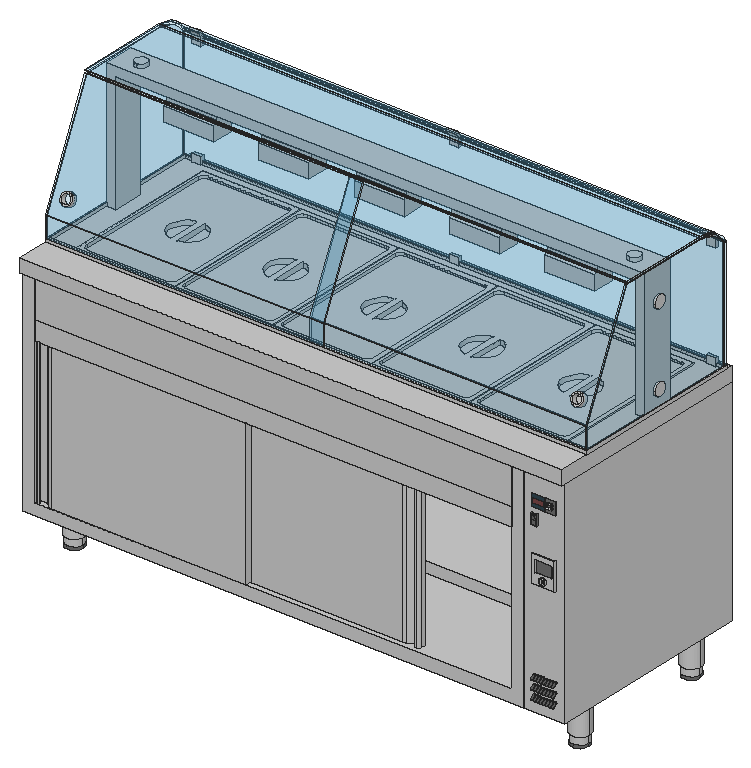
Revit family "QF_INOMAK_MIV718_250609085255", category Specialty Equipment, Revit 2021
Family settings
  Round Connector Dimension = Use Diameter
  Part Type = Normal
  OmniClass Number = 23.40.40.14
  OmniClass Title = Food Service Equipment
  Work Plane-Based = No
  Always vertical = Yes
  Cut with Voids When Loaded = No
  Shared = No
  Room Calculation Point = No
Parameters (values of type "MIV718")
  Weight [instance] = 130.00 kg
  Waste Water Discharge Temperature [instance] = 0 °C
  Waste Remarks [instance] = ""
  Warranty Start Date [instance] = ""
  Warranty Duration [instance] = ""
  Volts [instance] = 400 V
  Volt Free Conn [instance] = no
  URL Recommended Spares List [instance] = ""
  URL Manufacturer [instance] = ""
  URL Cutsheet [instance] = ""
  URL Critical Spares List [instance] = ""
  URL = "www.inomak.com"
  Technical Documentation [instance] = ""
  Tag Number [instance] = ""
  Status [instance] = ""
  Start Up Current [instance] = 0 A
  Specification by User [instance] = ""
  Specification by Manufacturer [instance] = ""
  Sound Level [instance] = ""
  Show Logo [instance] = yes
  Show Clearances [instance] = yes
  Service Life Duration [instance] = ""
  Serial Number [instance] = ""
  Seismic Rating [instance] = ""
  SMACNA No [instance] = ""
  Revision Code [instance] = ""
  Revision [instance] = ""
  Production Year [instance] = ""
  Potential Equalisation [instance] = no
  Point Load [instance] = 0
  Plumbing Remarks [instance] = ""
  Plumbing Connection Type [instance] = ""
  Phase [instance] = 3
  Other Equipment Approvals [instance] = ""
  Operational Current [instance] = 0 A
  Odor Trap Included [instance] = no
  Number of Poles [instance] = 3
  No Load Power Draw [instance] = no
  National Water Regulation Certification [instance] = no
  NAFEM Spec ID Number [instance] = ""
  Model Warning [instance] = ""
  Model = "MIV718"
  Min Ckt Ampacity [instance] = 0 A
  Max Overcurrent Protection [instance] = 25 A
  Masterspec [instance] = ""
  Manufacturer = "INOMAK"
  Main switch integrated [instance] = no
  Length Actual [instance] = 1792 mm
  Item Number [instance] = ""
  Installed By [instance] = ""
  Installation Date [instance] = ""
  Indirect Waste Size [instance] = 25.4 mm
  Indirect Waste Remarks [instance] = ""
  Indirect Waste Flow [instance] = 0.0 L/s
  Indirect Waste Connection Type [instance] = ""
  Indirect Waste Connection Height [instance] = 0 mm
  Identify Quantity as Lot [instance] = no
  ID [instance] = ""
  Hygiene Approval [instance] = ""
  Height Actual [instance] = 1313 mm
  HP power [instance] = ""
  Furnished By [instance] = ""
  Foodservice Equipment Identifier [instance] = no
  FL Amps [instance] = 22.3 A
  Electrical Remarks [instance] = ""
  Electric power [instance] = 5090 W
  Electric Connection Type [instance] = ""
  Elec Conn RI Height [instance] = 0 mm
  Elec Conn Connection Height [instance] = 0 mm
  ETL Approved [instance] = no
  Direct Waste Water Discharge Temperature [instance] = -273.15 °C
  Direct Waste Size [instance] = 25.4 mm
  Direct Waste RI Height [instance] = 0 mm
  Direct Waste Flow [instance] = 0.0 L/s
  Direct Waste Connection Height [instance] = 0 mm
  Description = "BAIN MARIE ON HEATED CUPBOARD WITH 4 GN PANS CAPACITY AND SHOWCASE"
  Depth Actual [instance] = 700 mm
  Default Elevation = 0 mm
  Cycle [instance] = 50 Hz
  Cost = 0
  Connection to energy optimisation system [instance] = yes
  Conn Plug [instance] = ""
  Conn Conduit [instance] = no
  Cold Water Temperature Recommended [instance] = 0 °C
  Cold Water Size [instance] = 12.7 mm
  Cold Water Remarks [instance] = ""
  Cold Water RI Height [instance] = 0 mm
  Cold Water Quality [instance] = ""
  Cold Water Minimum Pressure [instance] = 200000.0 Pa
  Cold Water Maximum Pressure [instance] = 600000.0 Pa
  Cold Water Flow [instance] = 0.0 L/s
  Cold Water Connection Type [instance] = ""
  Cold Water Connection Height [instance] = 0 mm
  Centralized building control system with digital interface [instance] = ""
  CSI MasterFormat [instance] = ""
  CE Approved [instance] = no
  Barcode [instance] = 0
  Author [instance] = ""
  Asset Identifier [instance] = ""
  Apparent Power [instance] = 5090 VA
  Accessory [instance] = no
Reference planes
  plane 1 "Center (Front/Back)": y = 0
  plane 2: z = 0
  plane 3 "Center (Left/Right)": x = 0
Forms (mm)
  Extrusion 1, solid, not visible
    sketch origin (110.005, -510.025, 142.007) x (1, 0, 0) y (0, 1, 0)
      loop
        line (-2, 2) -> (-2, -2) -> (2, -2) -> (2, 2) -> (-2, 2)
    from -2 to 2
  Extrusion 2, solid, not visible
    sketch origin (110.005, -410.02, 142.007) x (1, 0, 0) y (0, 1, 0)
      loop
        line (-2, 2) -> (-2, -2) -> (2, -2) -> (2, 2) -> (-2, 2)
    from -2 to 2
  Extrusion 3, solid, not visible
    sketch origin (1745.085, -635.031, 142.007) x (1, 0, 0) y (0, 1, 0)
      loop
        line (-2, 2) -> (-2, -2) -> (2, -2) -> (2, 2) -> (-2, 2)
    from -2 to 2
Dimensions and locks
  locked: nested 2 to Extrusion 1 at 2  (x2)
  locked: nested 3 to Extrusion 2 at 2  (x2)
  locked: nested 4 to Extrusion 3 at 2  (x2)
  aligned and locked: level to plane 2
Nested families
  nested 1: "QF_INOMAK_CUPBOARD_BAIN_MARIES_1795_2920" at (0, 0, 140), type "MIV718"
    with Weight 130.00 kg, Warranty Start Date "", Warranty Duration "", URL Cutsheet "", Technical Documentation "", Tag Number "", Status "", Specification by User "", Specification by Manufacturer "", Sound Level "", Solid Fuel Type "", Show Logo yes, Show Clearances yes, Service Life Duration "", Serial Number "", Seismic Rating "", SMACNA No "", Revision Code "", Revision "", Production Year "", Point Load 0, Other Equipment Approvals "", NAFEM Spec ID Number "", Model Warning "", Masterspec "", Length Actual 1792 mm, Item Number "", Installed By "", Installation Date "", Identify Quantity as Lot yes, ID "", Hygiene Approval "", Height Actual 1313 mm, Furnished By "", Foodservice Equipment Identifier yes, ETL Approved yes, Depth Actual 700 mm, CSI MasterFormat "", CE Approved yes, Barcode "", Author "", Asset Identifier "", Accessory no
  nested 2: "CONN_POINT_COLDWATER_2D___Generic_Annotation" at (110.005, -510.025, 140.007), type "CONN_POINT_COLDWATER_2D___Generic_Annotation"
    with Onboard connection annotation symbol visibility yes
  nested 3: "CONN_POINT_DRAIN_2D___Generic_Annotation" at (110.005, -410.02, 140.007), type "CONN_POINT_DRAIN_2D___Generic_Annotation"
    with Onboard connection annotation symbol visibility yes
  nested 4: "CONN_POINT_ELE_2D___Generic_Annotation" at (1745.085, -635.031, 140.007), type "CONN_POINT_ELE_2D___Generic_Annotation"
    with Onboard connection annotation symbol visibility yes
  nested 5: "QF_INOMAK_HEAT_WORKTOPS_HTVF_1795_5089" at (0, 0, 896), type "HTVF-1795-630"
    with Weight 0.00 kg, Warranty Start Date "", Warranty Duration "", URL Cutsheet "", Technical Documentation "", Tag Number "", Status "", Specification by User "", Specification by Manufacturer "", Sound Level "", Solid Fuel Type "", Show Logo yes, Show Clearances yes, Service Life Duration "", Serial Number "", Seismic Rating "", SMACNA No "", Revision Code "", Revision "", Production Year "", Point Load 0, Other Equipment Approvals "", NAFEM Spec ID Number "", Model Warning "", Masterspec "", Length Actual 1792 mm, Item Number "", Installed By "", Installation Date "", Identify Quantity as Lot yes, ID "", Hygiene Approval "", Height Actual 440 mm, Furnished By "", Foodservice Equipment Identifier yes, ETL Approved yes, Depth Actual 630 mm, CSI MasterFormat "", CE Approved yes, Barcode "", Author "", Asset Identifier "", Accessory yes
  nested 6: "QF_INOMAK_LEGS_6348" at (0, 0, 0), type "LG-1795-700"
    with Weight 0.00 kg, Warranty Start Date "", Warranty Duration "", URL Cutsheet "", Technical Documentation "", Tag Number "", Status "", Specification by User "", Specification by Manufacturer "", Sound Level "", Solid Fuel Type "", Show Logo yes, Show Clearances yes, Service Life Duration "", Serial Number "", Seismic Rating "", SMACNA No "", Revision Code "", Revision "", Production Year "", Point Load 0, Other Equipment Approvals "", NAFEM Spec ID Number "", Model Warning "", Masterspec "", Length Actual 1792 mm, Item Number "", Installed By "", Installation Date "", Identify Quantity as Lot yes, ID "", Hygiene Approval "", Height Actual 140 mm, Furnished By "", Foodservice Equipment Identifier yes, ETL Approved yes, Depth Actual 700 mm, CSI MasterFormat "", CE Approved yes, Barcode "", Author "", Asset Identifier "", Accessory yes
Connectors
  piping at (110.005, -510.025, 140.007), diameter 12.7, driven by "Cold Water Size", driven by "Cold Water Flow"
    settings: on Extrusion 1, index 1, connector inside diameter 609.6 mm, connector length 0 mm, flow factor 0, pipe flow 0.0 L/s, pressure drop 0.0 Pa, fitting loss kfactor 0, connector angle 0.00°, fixture units 0, engagement length 0 mm, angle of deflection 0.00°, flow configuration 1, flow direction 1, fitting loss method 0, system type 20, joint type 0, gender type 0, connector reference index -1, connector utility 0, adjustable connector no, is connector primary yes, connector description "Cold Water connection for MIV718"
  piping at (110.005, -410.02, 140.007), diameter 25.4, driven by "Indirect Waste Size", driven by "Direct Waste Flow"
    settings: on Extrusion 2, index 2, connector inside diameter 609.6 mm, connector length 0 mm, flow factor 0, pipe flow 0.0 L/s, pressure drop 0.0 Pa, fitting loss kfactor 0, connector angle 0.00°, fixture units 0, engagement length 0 mm, angle of deflection 0.00°, flow configuration 1, flow direction 2, fitting loss method 0, system type 16, joint type 0, gender type 0, connector reference index -1, connector utility 0, adjustable connector no, is connector primary no, connector description "Waste connection for MIV718"
  electrical at (1745.085, -635.031, 140.007), driven by "Apparent Power", driven by "Number of Poles", driven by "Volts"
    settings: on Extrusion 3, index 3, voltage 400 V, apparent load 0 VA, apparent load phase1 5090 VA, apparent load phase2 0 VA, apparent load phase3 0 VA, power factor 1, load classification "Other", number of poles 3, system type 31, power factor state 1, is connector primary yes, connector utility no, sub classification motor no, connector description "Electrical connection for MIV718"
Definition of nested family "QF_INOMAK_CUPBOARD_BAIN_MARIES_1795_2920"
  Parameters (values of type "MDV718")
    Weight [instance] = 0.00 kg
    Warranty Start Date [instance] = ""
    Warranty Duration [instance] = ""
    URL Cutsheet [instance] = ""
    URL = "www.inomak.com"
    Technical Documentation [instance] = ""
    Tag Number [instance] = ""
    Status [instance] = ""
    Specification by User [instance] = ""
    Specification by Manufacturer [instance] = ""
    Sound Level [instance] = ""
    Solid Fuel Type [instance] = ""
    Show Logo [instance] = yes
    Show Clearances [instance] = yes
    Service Life Duration [instance] = ""
    Serial Number [instance] = ""
    Seismic Rating [instance] = ""
    SMACNA No [instance] = ""
    Revision Code [instance] = ""
    Revision [instance] = ""
    Production Year [instance] = ""
    Point Load [instance] = 0
    Other Equipment Approvals [instance] = ""
    NAFEM Spec ID Number [instance] = ""
    Model Warning [instance] = ""
    Model = "MDV718"
    Masterspec [instance] = ""
    Manufacturer = "INOMAK"
    Length Actual [instance] = 0 mm
    Item Number [instance] = ""
    Installed By [instance] = ""
    Installation Date [instance] = ""
    Identify Quantity as Lot [instance] = yes
    ID [instance] = ""
    Hygiene Approval [instance] = ""
    Height Actual [instance] = 0 mm
    Furnished By [instance] = ""
    Foodservice Equipment Identifier [instance] = yes
    ETL Approved [instance] = yes
    Description = "BAIN MARIE ON CUPBOARD WITH 4 GN PANS CAPACITY"
    Depth Actual [instance] = 0 mm
    Default Elevation = 0 mm
    CSI MasterFormat [instance] = ""
    CE Approved [instance] = yes
    Barcode [instance] = ""
    Author [instance] = ""
    Asset Identifier [instance] = ""
    Assembly Code = "E1090320"
    Accessory [instance] = yes
  Types (10, lengths in mm): name | Model | Description
    MFV718 | "MFV718" | "BAIN MARIE ON CUPBOARD WITH 4 GN PANS CAPACITY AND SHOWCASE"
    MHV718 | "MHV718" | "BAIN MARIE ON HEATED CUPBOARD WITH 4 GN PANS CAPACITY"
    MJV718 | "MJV718" | "BAIN MARIE ON HEATED CUPBOARD WITH 4 GN PANS CAPACITY AND SINGLE SNEEZE GUARD"
    MQV718 | "MQV718" | "BAIN MARIE ON HEATED CUPBOARD WITH 4 GN PANS CAPACITY AND DOUBLE SNEEZE GUARD"
    MISQ718 | "MISQ718" | "BAIN MARIE ON HEATED CUPBOARD WITH 4 GN PANS CAPACITY AND SQUARE SHOWCASE"
    MDV718 | "MDV718" | "BAIN MARIE ON CUPBOARD WITH 4 GN PANS CAPACITY"
    MVV718 | "MVV718" | "BAIN MARIE ON CUPBOARD WITH 4 GN PANS CAPACITY AND SINGLE SNEEZE GUARD"
    MRV718 | "MRV718" | "BAIN MARIE ON CUPBOARD WITH 4 GN PANS CAPACITY AND DOUBLE SNEEZE GUARD"
    MFSQ718 | "MFSQ718" | "BAIN MARIE ON CUPBOARD WITH 4 GN PANS CAPACITY AND SQUARE SHOWCASE"
    MIV718 | "MIV718" | "BAIN MARIE ON HEATED CUPBOARD WITH 4 GN PANS CAPACITY AND SHOWCASE"
  Reference planes
    plane 1 "Back": y = 0
    plane 2: z = 0
    plane 3 "Left": x = 0
    plane 4 "Right": x = 1792
    plane 5 "Front": y = -700
    plane 6 "Top": z = 756
  Forms (mm)
    Extrusion 1, solid
      sketch origin (1168.283, -707, -123.631) x (-1, 0, 0) y (0, 0, 1)
        loop
          arc (-522.253, 235.165) -> (-526.351, 236.263) -> (-527.449, 232.165) r 3
          line (-527.449, 232.165) -> (-518.449, 216.577)
          arc (-518.449, 216.577) -> (-514.351, 215.479) -> (-513.253, 219.577) r 3
          line (-513.253, 219.577) -> (-522.253, 235.165)
        loop
          arc (-532.253, 235.165) -> (-536.351, 236.263) -> (-537.449, 232.165) r 3
          line (-537.449, 232.165) -> (-528.449, 216.577)
          arc (-528.449, 216.577) -> (-524.351, 215.479) -> (-523.253, 219.577) r 3
          line (-523.253, 219.577) -> (-532.253, 235.165)
        loop
          arc (-542.253, 235.165) -> (-546.351, 236.263) -> (-547.449, 232.165) r 3
          line (-547.449, 232.165) -> (-538.449, 216.577)
          arc (-538.449, 216.577) -> (-534.351, 215.479) -> (-533.253, 219.577) r 3
          line (-533.253, 219.577) -> (-542.253, 235.165)
        loop
          arc (-552.253, 235.165) -> (-556.351, 236.263) -> (-557.449, 232.165) r 3
          line (-557.449, 232.165) -> (-548.449, 216.577)
          arc (-548.449, 216.577) -> (-544.351, 215.479) -> (-543.253, 219.577) r 3
          line (-543.253, 219.577) -> (-552.253, 235.165)
        loop
          arc (-562.253, 235.165) -> (-566.351, 236.263) -> (-567.449, 232.165) r 3
          line (-567.449, 232.165) -> (-558.449, 216.577)
          arc (-558.449, 216.577) -> (-554.351, 215.479) -> (-553.253, 219.577) r 3
          line (-553.253, 219.577) -> (-562.253, 235.165)
        loop
          arc (-572.253, 235.165) -> (-576.351, 236.263) -> (-577.449, 232.165) r 3
          line (-577.449, 232.165) -> (-568.449, 216.577)
          arc (-568.449, 216.577) -> (-564.351, 215.479) -> (-563.253, 219.577) r 3
          line (-563.253, 219.577) -> (-572.253, 235.165)
        loop
          arc (-582.253, 235.165) -> (-586.351, 236.263) -> (-587.449, 232.165) r 3
          line (-587.449, 232.165) -> (-578.449, 216.577)
          arc (-578.449, 216.577) -> (-574.351, 215.479) -> (-573.253, 219.577) r 3
          line (-573.253, 219.577) -> (-582.253, 235.165)
        loop
          arc (-592.253, 235.165) -> (-596.351, 236.263) -> (-597.449, 232.165) r 3
          line (-597.449, 232.165) -> (-588.449, 216.577)
          arc (-588.449, 216.577) -> (-584.351, 215.479) -> (-583.253, 219.577) r 3
          line (-583.253, 219.577) -> (-592.253, 235.165)
        loop
          arc (-522.253, 205.165) -> (-526.351, 206.263) -> (-527.449, 202.165) r 3
          line (-527.449, 202.165) -> (-518.449, 186.577)
          arc (-518.449, 186.577) -> (-514.351, 185.479) -> (-513.253, 189.577) r 3
          line (-513.253, 189.577) -> (-522.253, 205.165)
        loop
          arc (-532.253, 205.165) -> (-536.351, 206.263) -> (-537.449, 202.165) r 3
          line (-537.449, 202.165) -> (-528.449, 186.577)
          arc (-528.449, 186.577) -> (-524.351, 185.479) -> (-523.253, 189.577) r 3
          line (-523.253, 189.577) -> (-532.253, 205.165)
        loop
          arc (-542.253, 205.165) -> (-546.351, 206.263) -> (-547.449, 202.165) r 3
          line (-547.449, 202.165) -> (-538.449, 186.577)
          arc (-538.449, 186.577) -> (-534.351, 185.479) -> (-533.253, 189.577) r 3
          line (-533.253, 189.577) -> (-542.253, 205.165)
        loop
          arc (-552.253, 205.165) -> (-556.351, 206.263) -> (-557.449, 202.165) r 3
          line (-557.449, 202.165) -> (-548.449, 186.577)
          arc (-548.449, 186.577) -> (-544.351, 185.479) -> (-543.253, 189.577) r 3
          line (-543.253, 189.577) -> (-552.253, 205.165)
        loop
          arc (-562.253, 205.165) -> (-566.351, 206.263) -> (-567.449, 202.165) r 3
          line (-567.449, 202.165) -> (-558.449, 186.577)
          arc (-558.449, 186.577) -> (-554.351, 185.479) -> (-553.253, 189.577) r 3
          line (-553.253, 189.577) -> (-562.253, 205.165)
        loop
          arc (-572.253, 205.165) -> (-576.351, 206.263) -> (-577.449, 202.165) r 3
          line (-577.449, 202.165) -> (-568.449, 186.577)
          arc (-568.449, 186.577) -> (-564.351, 185.479) -> (-563.253, 189.577) r 3
          line (-563.253, 189.577) -> (-572.253, 205.165)
        loop
          arc (-582.253, 205.165) -> (-586.351, 206.263) -> (-587.449, 202.165) r 3
          line (-587.449, 202.165) -> (-578.449, 186.577)
          arc (-578.449, 186.577) -> (-574.351, 185.479) -> (-573.253, 189.577) r 3
          line (-573.253, 189.577) -> (-582.253, 205.165)
        loop
          arc (-592.253, 205.165) -> (-596.351, 206.263) -> (-597.449, 202.165) r 3
          line (-597.449, 202.165) -> (-588.449, 186.577)
          arc (-588.449, 186.577) -> (-584.351, 185.479) -> (-583.253, 189.577) r 3
          line (-583.253, 189.577) -> (-592.253, 205.165)
        loop
          arc (-522.253, 175.165) -> (-526.351, 176.263) -> (-527.449, 172.165) r 3
          line (-527.449, 172.165) -> (-518.449, 156.577)
          arc (-518.449, 156.577) -> (-514.351, 155.479) -> (-513.253, 159.577) r 3
          line (-513.253, 159.577) -> (-522.253, 175.165)
        loop
          arc (-532.253, 175.165) -> (-536.351, 176.263) -> (-537.449, 172.165) r 3
          line (-537.449, 172.165) -> (-528.449, 156.577)
          arc (-528.449, 156.577) -> (-524.351, 155.479) -> (-523.253, 159.577) r 3
          line (-523.253, 159.577) -> (-532.253, 175.165)
        loop
          arc (-542.253, 175.165) -> (-546.351, 176.263) -> (-547.449, 172.165) r 3
          line (-547.449, 172.165) -> (-538.449, 156.577)
          arc (-538.449, 156.577) -> (-534.351, 155.479) -> (-533.253, 159.577) r 3
          line (-533.253, 159.577) -> (-542.253, 175.165)
        loop
          arc (-552.253, 175.165) -> (-556.351, 176.263) -> (-557.449, 172.165) r 3
          line (-557.449, 172.165) -> (-548.449, 156.577)
          arc (-548.449, 156.577) -> (-544.351, 155.479) -> (-543.253, 159.577) r 3
          line (-543.253, 159.577) -> (-552.253, 175.165)
        loop
          arc (-562.253, 175.165) -> (-566.351, 176.263) -> (-567.449, 172.165) r 3
          line (-567.449, 172.165) -> (-558.449, 156.577)
          arc (-558.449, 156.577) -> (-554.351, 155.479) -> (-553.253, 159.577) r 3
          line (-553.253, 159.577) -> (-562.253, 175.165)
        loop
          arc (-572.253, 175.165) -> (-576.351, 176.263) -> (-577.449, 172.165) r 3
          line (-577.449, 172.165) -> (-568.449, 156.577)
          arc (-568.449, 156.577) -> (-564.351, 155.479) -> (-563.253, 159.577) r 3
          line (-563.253, 159.577) -> (-572.253, 175.165)
        loop
          arc (-582.253, 175.165) -> (-586.351, 176.263) -> (-587.449, 172.165) r 3
          line (-587.449, 172.165) -> (-578.449, 156.577)
          arc (-578.449, 156.577) -> (-574.351, 155.479) -> (-573.253, 159.577) r 3
          line (-573.253, 159.577) -> (-582.253, 175.165)
        loop
          arc (-592.253, 175.165) -> (-596.351, 176.263) -> (-597.449, 172.165) r 3
          line (-597.449, 172.165) -> (-588.449, 156.577)
          arc (-588.449, 156.577) -> (-584.351, 155.479) -> (-583.253, 159.577) r 3
          line (-583.253, 159.577) -> (-592.253, 175.165)
      from 16.5 to 18.5
    Extrusion 2, solid
      sketch origin (1476.266, -692, 538.514) x (-1, 0, 0) y (0, 0, 1)
        loop
          line (-208.234, 108.408) -> (-253.234, 108.408) -> (-253.234, 68.408) -> (-208.234, 68.408) -> (-208.234, 108.408)
      from 0 to 2
    Extrusion 3, solid
      sketch origin (754.5, -693, 539.422) x (-1, 0, 0) y (0, 0, 1)
        loop
          line (-950, 15) -> (-930, 15) -> (-930, 50) -> (-950, 50) -> (-950, 15)
      from 0 to 3
    Extrusion 4, solid
      sketch origin (782.5, -568, 539.422) x (0, 1, 0) y (0, 0, 1)
        loop
          line (-125, 18) -> (-125, 47)
          arc (-125, 47) -> (-127.961, 46.812) -> (-130.754, 45.81) r 10.576
          line (-130.754, 45.81) -> (-128, 32.5) -> (-128, 18) -> (-125, 18)
      from 905 to 919
    Extrusion 5, solid
      sketch origin (1521.266, -692, 538.514) x (-1, 0, 0) y (0, 0, 1)
        loop
          line (-208.234, 108.408) -> (-243.234, 108.408) -> (-243.234, 68.408) -> (-208.234, 68.408) -> (-208.234, 108.408)
      from 0 to 2
    Extrusion 6, solid
      sketch origin (1476.266, -692.5, 538.514) x (-1, 0, 0) y (0, 0, 1)
        loop
          line (-213.234, 94.908) -> (-248.234, 94.908) -> (-248.234, 81.908) -> (-213.234, 81.908) -> (-213.234, 94.908)
      from 0 to 2.5
    Extrusion 7, solid
      sketch origin (1476.266, -692.5, 538.514) x (-1, 0, 0) y (0, 0, 1)
        loop
          line (-271.558, 91.171) -> (-275.802, 98.522) -> (-280.047, 91.171) -> (-271.558, 91.171)
        loop
          line (-271.558, 85.645) -> (-280.047, 85.645) -> (-275.802, 78.294) -> (-271.558, 85.645)
        loop
          line (-257.397, 85.645) -> (-267.397, 85.645) -> (-267.397, 78.294) -> (-257.397, 78.294) -> (-257.397, 85.645)
        loop
          line (-265.397, 98.522) -> (-267.397, 98.522) -> (-267.397, 92.322) -> (-259.549, 92.322) -> (-259.549, 91.171) -> (-257.397, 93.322) -> (-259.549, 95.474) -> (-259.549, 94.322) -> (-265.397, 94.322) -> (-265.397, 98.522)
      from 0 to 2.5
    Extrusion 8, solid
      sketch origin (28.5, 0, 488) x (1, 0, 0) y (0, 1, 0)
        loop
          line (55, -50) -> (55, -580) -> (380, -580) -> (380, -50) -> (55, -50)
        loop
          arc (87.5, -65) -> (73.358, -70.858) -> (67.5, -85) r 20
          line (67.5, -85) -> (67.5, -545.415)
          arc (67.5, -545.415) -> (73.358, -559.557) -> (87.5, -565.415) r 20
          line (87.5, -565.415) -> (347.5, -565.415)
          arc (347.5, -565.415) -> (361.642, -559.557) -> (367.5, -545.415) r 20
          line (367.5, -545.415) -> (367.5, -85)
          arc (367.5, -85) -> (361.642, -70.858) -> (347.5, -65) r 20
          line (347.5, -65) -> (87.5, -65)
      from 222 to 270
    Extrusion 9, solid
      sketch origin (28.5, 0, 481) x (1, 0, 0) y (0, 1, 0)
        loop
          arc (67.5, -545.415) -> (73.358, -559.557) -> (87.5, -565.415) r 20
          line (87.5, -565.415) -> (347.5, -565.415)
          arc (347.5, -565.415) -> (361.642, -559.557) -> (367.5, -545.415) r 20
          line (367.5, -545.415) -> (367.5, -85)
          arc (367.5, -85) -> (361.642, -70.858) -> (347.5, -65) r 20
          line (347.5, -65) -> (87.5, -65)
          arc (87.5, -65) -> (73.358, -70.858) -> (67.5, -85) r 20
          line (67.5, -85) -> (67.5, -545.415)
      from 229 to 270
    Extrusion 10, void
      sketch origin (28.5, 0, 496) x (1, 0, 0) y (0, 1, 0)
        loop
          arc (207.5, -256.046) -> (157.5, -315.207) -> (207.5, -374.368) r 60
          line (207.5, -374.368) -> (207.5, -256.046)
        loop
          line (227.5, -256.046) -> (227.5, -374.368)
          arc (227.5, -374.368) -> (277.5, -315.207) -> (227.5, -256.046) r 60
      from 240 to 270
    Extrusion 11, solid
      sketch origin (353.5, 0, 488) x (1, 0, 0) y (0, 1, 0)
        loop
          line (55, -50) -> (55, -580) -> (380, -580) -> (380, -50) -> (55, -50)
        loop
          arc (87.5, -65) -> (73.358, -70.858) -> (67.5, -85) r 20
          line (67.5, -85) -> (67.5, -545.415)
          arc (67.5, -545.415) -> (73.358, -559.557) -> (87.5, -565.415) r 20
          line (87.5, -565.415) -> (347.5, -565.415)
          arc (347.5, -565.415) -> (361.642, -559.557) -> (367.5, -545.415) r 20
          line (367.5, -545.415) -> (367.5, -85)
          arc (367.5, -85) -> (361.642, -70.858) -> (347.5, -65) r 20
          line (347.5, -65) -> (87.5, -65)
      from 222 to 270
    Extrusion 12, solid
      sketch origin (353.5, 0, 481) x (1, 0, 0) y (0, 1, 0)
        loop
          arc (67.5, -545.415) -> (73.358, -559.557) -> (87.5, -565.415) r 20
          line (87.5, -565.415) -> (347.5, -565.415)
          arc (347.5, -565.415) -> (361.642, -559.557) -> (367.5, -545.415) r 20
          line (367.5, -545.415) -> (367.5, -85)
          arc (367.5, -85) -> (361.642, -70.858) -> (347.5, -65) r 20
          line (347.5, -65) -> (87.5, -65)
          arc (87.5, -65) -> (73.358, -70.858) -> (67.5, -85) r 20
          line (67.5, -85) -> (67.5, -545.415)
      from 229 to 270
    Extrusion 13, void
      sketch origin (353.5, 0, 496) x (1, 0, 0) y (0, 1, 0)
        loop
          arc (207.5, -256.046) -> (157.5, -315.207) -> (207.5, -374.368) r 60
          line (207.5, -374.368) -> (207.5, -256.046)
        loop
          line (227.5, -256.046) -> (227.5, -374.368)
          arc (227.5, -374.368) -> (277.5, -315.207) -> (227.5, -256.046) r 60
      from 240 to 270
    Extrusion 14, solid
      sketch origin (1003.5, 0, 488) x (1, 0, 0) y (0, 1, 0)
        loop
          line (55, -50) -> (55, -580) -> (380, -580) -> (380, -50) -> (55, -50)
        loop
          arc (87.5, -65) -> (73.358, -70.858) -> (67.5, -85) r 20
          line (67.5, -85) -> (67.5, -545.415)
          arc (67.5, -545.415) -> (73.358, -559.557) -> (87.5, -565.415) r 20
          line (87.5, -565.415) -> (347.5, -565.415)
          arc (347.5, -565.415) -> (361.642, -559.557) -> (367.5, -545.415) r 20
          line (367.5, -545.415) -> (367.5, -85)
          arc (367.5, -85) -> (361.642, -70.858) -> (347.5, -65) r 20
          line (347.5, -65) -> (87.5, -65)
      from 222 to 270
    Extrusion 15, solid
      sketch origin (1003.5, 0, 481) x (1, 0, 0) y (0, 1, 0)
        loop
          arc (67.5, -545.415) -> (73.358, -559.557) -> (87.5, -565.415) r 20
          line (87.5, -565.415) -> (347.5, -565.415)
          arc (347.5, -565.415) -> (361.642, -559.557) -> (367.5, -545.415) r 20
          line (367.5, -545.415) -> (367.5, -85)
          arc (367.5, -85) -> (361.642, -70.858) -> (347.5, -65) r 20
          line (347.5, -65) -> (87.5, -65)
          arc (87.5, -65) -> (73.358, -70.858) -> (67.5, -85) r 20
          line (67.5, -85) -> (67.5, -545.415)
      from 229 to 270
    Extrusion 16, void
      sketch origin (1003.5, 0, 496) x (1, 0, 0) y (0, 1, 0)
        loop
          arc (207.5, -256.046) -> (157.5, -315.207) -> (207.5, -374.368) r 60
          line (207.5, -374.368) -> (207.5, -256.046)
        loop
          line (227.5, -256.046) -> (227.5, -374.368)
          arc (227.5, -374.368) -> (277.5, -315.207) -> (227.5, -256.046) r 60
      from 240 to 270
    Extrusion 17, solid
      sketch origin (0, 0, 706) x (1, 0, 0) y (0, 1, 0)
        loop
          line (0, 0) -> (0, -700) -> (1792, -700) -> (1792, 0) -> (0, 0)
        loop
          line (83.5, -50) -> (83.5, -580) -> (1708.5, -580) -> (1708.5, -50) -> (83.5, -50)
      from 4 to 50
    Extrusion 18, solid
      sketch origin (0, 0, 0) x (1, 0, 0) y (0, 1, 0)
        loop
          line (0, -690) -> (40, -690) -> (40, -40) -> (1617, -40) -> (1617, -690) -> (1657, -690) -> (1657, 0) -> (0, 0) -> (0, -690)
      from 0 to 710
    Extrusion 19, solid
      sketch origin (687, 0, 0) x (1, 0, 0) y (0, 1, 0)
        loop
          line (970, 0) -> (970, -690) -> (1105, -690) -> (1105, 0) -> (970, 0)
      from 0 to 710
    Extrusion 20, solid
      sketch origin (-130, -690, 0) x (-1, 0, 0) y (0, 1, 0)
        loop
          line (-170, 10) -> (-170, 20) -> (-868.5, 20) -> (-868.5, 0) -> (-226.156, 0)
          arc (-226.156, 0) -> (-220.272, 0.885) -> (-214.91, 3.461) r 20
          line (-214.91, 3.461) -> (-195, 17) -> (-173, 17) -> (-173, 10)
          arc (-173, 10) -> (-175.05, 5.05) -> (-180, 3) r 7
          line (-180, 3) -> (-185.012, 3) -> (-185.012, 0) -> (-180, 0)
          arc (-180, 0) -> (-172.929, 2.929) -> (-170, 10) r 10
      from -40 to -520
    Extrusion 21, solid
      sketch origin (367, -690, 0) x (-1, 0, 0) y (0, 1, 0)
        loop
          arc (-930, 30) -> (-927.071, 22.929) -> (-920, 20) r 10
          line (-920, 20) -> (-914.988, 20) -> (-914.988, 23) -> (-920, 23)
          arc (-920, 23) -> (-924.95, 25.05) -> (-927, 30) r 7
          line (-927, 30) -> (-927, 37) -> (-905, 37) -> (-885.09, 23.461)
          arc (-885.09, 23.461) -> (-879.728, 20.885) -> (-873.844, 20) r 20
          line (-873.844, 20) -> (-231.5, 20) -> (-231.5, 40) -> (-930, 40) -> (-930, 30)
      from -40 to -520
    Extrusion 22, solid
      sketch origin (0, 0, 0) x (1, 0, 0) y (0, 1, 0)
        loop
          line (40, -40) -> (40, -690) -> (1620, -690) -> (1620, -40) -> (40, -40)
      from 0 to 40
    Extrusion 23, solid
      sketch origin (0.5, 0, 672.314) x (1, 0, 0) y (0, 1, 0)
        loop
          line (39.5, -40) -> (39.5, -690) -> (1616.5, -690) -> (1616.5, -40) -> (39.5, -40)
      from -92.314 to 37.686
    Extrusion 24, solid
      sketch origin (-1.5, 0, 610.314) x (1, 0, 0) y (0, 1, 0)
        loop
          line (41.5, -40) -> (41.5, -690) -> (1618.5, -690) -> (1618.5, -40) -> (41.5, -40)
      from -90.314 to -30.314
    Extrusion 25, solid
      sketch origin (-1.5, 0, 252.5) x (1, 0, 0) y (0, 1, 0)
        loop
          line (41.5, -40) -> (41.5, -645) -> (1618.5, -645) -> (1618.5, -40) -> (41.5, -40)
      from 0 to 35
    Extrusion 26, solid
      sketch origin (694.002, -695, 50) x (-1, 0, 0) y (0, 0, 1)
        loop
          line (-992.998, 421.076) -> (-1067.998, 421.076) -> (-1067.998, 331.076) -> (-992.998, 331.076) -> (-992.998, 421.076)
        loop
          line (-1003.957, 406.276) -> (-1058.957, 406.276) -> (-1058.957, 366.276) -> (-1003.957, 366.276) -> (-1003.957, 406.276)
      from 0 to 5
    Extrusion 27, solid
      sketch origin (694.002, -692, 50) x (-1, 0, 0) y (0, 0, 1)
        loop
          line (-1003.957, 406.276) -> (-1058.957, 406.276) -> (-1058.957, 366.276) -> (-1003.957, 366.276) -> (-1003.957, 406.276)
      from 0 to 2
    Revolve 28, solid
      sketch origin (1724.5, 59.612, -3292.415) x (0, 1, 0) y (0, 0, 1)
        loop
          line (-757.012, 3691.152) -> (-754.612, 3691.152) -> (-754.612, 3701.789) -> (-757.662, 3701.789) -> (-759.012, 3699.998) -> (-757.012, 3699.998) -> (-757.012, 3691.152)
        axis (-754.612, 3691.152) -> (-759.012, 3691.152)
      angle from 0 to 360
    Extrusion 29, solid
      sketch origin (-367.127, -695, 2689.585) x (-1, 0, 0) y (0, 0, 1)
        loop
          line (-2090.827, -2287.348) -> (-2092.827, -2287.348) -> (-2092.827, -2294.348) -> (-2090.827, -2294.348) -> (-2090.827, -2287.348)
        loop
          circle (-2091.627, -2290.848) r 7.846
      from -4.4 to -2.4
    Extrusion 30, solid
      sketch origin (678.5, 0, 488) x (1, 0, 0) y (0, 1, 0)
        loop
          line (55, -50) -> (55, -580) -> (380, -580) -> (380, -50) -> (55, -50)
        loop
          arc (87.5, -65) -> (73.358, -70.858) -> (67.5, -85) r 20
          line (67.5, -85) -> (67.5, -545.415)
          arc (67.5, -545.415) -> (73.358, -559.557) -> (87.5, -565.415) r 20
          line (87.5, -565.415) -> (347.5, -565.415)
          arc (347.5, -565.415) -> (361.642, -559.557) -> (367.5, -545.415) r 20
          line (367.5, -545.415) -> (367.5, -85)
          arc (367.5, -85) -> (361.642, -70.858) -> (347.5, -65) r 20
          line (347.5, -65) -> (87.5, -65)
      from 222 to 270
    Extrusion 31, solid
      sketch origin (678.5, 0, 481) x (1, 0, 0) y (0, 1, 0)
        loop
          arc (67.5, -545.415) -> (73.358, -559.557) -> (87.5, -565.415) r 20
          line (87.5, -565.415) -> (347.5, -565.415)
          arc (347.5, -565.415) -> (361.642, -559.557) -> (367.5, -545.415) r 20
          line (367.5, -545.415) -> (367.5, -85)
          arc (367.5, -85) -> (361.642, -70.858) -> (347.5, -65) r 20
          line (347.5, -65) -> (87.5, -65)
          arc (87.5, -65) -> (73.358, -70.858) -> (67.5, -85) r 20
          line (67.5, -85) -> (67.5, -545.415)
      from 229 to 270
    Extrusion 32, void
      sketch origin (678.5, 0, 496) x (1, 0, 0) y (0, 1, 0)
        loop
          arc (207.5, -256.046) -> (157.5, -315.207) -> (207.5, -374.368) r 60
          line (207.5, -374.368) -> (207.5, -256.046)
        loop
          line (227.5, -256.046) -> (227.5, -374.368)
          arc (227.5, -374.368) -> (277.5, -315.207) -> (227.5, -256.046) r 60
      from 240 to 270
    Extrusion 33, solid
      sketch origin (1328.5, 0, 488) x (1, 0, 0) y (0, 1, 0)
        loop
          line (55, -50) -> (55, -580) -> (380, -580) -> (380, -50) -> (55, -50)
        loop
          arc (87.5, -65) -> (73.358, -70.858) -> (67.5, -85) r 20
          line (67.5, -85) -> (67.5, -545.415)
          arc (67.5, -545.415) -> (73.358, -559.557) -> (87.5, -565.415) r 20
          line (87.5, -565.415) -> (347.5, -565.415)
          arc (347.5, -565.415) -> (361.642, -559.557) -> (367.5, -545.415) r 20
          line (367.5, -545.415) -> (367.5, -85)
          arc (367.5, -85) -> (361.642, -70.858) -> (347.5, -65) r 20
          line (347.5, -65) -> (87.5, -65)
      from 222 to 270
    Extrusion 34, solid
      sketch origin (1328.5, 0, 481) x (1, 0, 0) y (0, 1, 0)
        loop
          arc (67.5, -545.415) -> (73.358, -559.557) -> (87.5, -565.415) r 20
          line (87.5, -565.415) -> (347.5, -565.415)
          arc (347.5, -565.415) -> (361.642, -559.557) -> (367.5, -545.415) r 20
          line (367.5, -545.415) -> (367.5, -85)
          arc (367.5, -85) -> (361.642, -70.858) -> (347.5, -65) r 20
          line (347.5, -65) -> (87.5, -65)
          arc (87.5, -65) -> (73.358, -70.858) -> (67.5, -85) r 20
          line (67.5, -85) -> (67.5, -545.415)
      from 229 to 270
    Extrusion 35, void
      sketch origin (1328.5, 0, 496) x (1, 0, 0) y (0, 1, 0)
        loop
          arc (207.5, -256.046) -> (157.5, -315.207) -> (207.5, -374.368) r 60
          line (207.5, -374.368) -> (207.5, -256.046)
        loop
          line (227.5, -256.046) -> (227.5, -374.368)
          arc (227.5, -374.368) -> (277.5, -315.207) -> (227.5, -256.046) r 60
      from 240 to 270
  Cuts and joins
    Extrusion 10, Extrusion 13 cuts Extrusion 9
    Extrusion 13, Extrusion 16, Extrusion 32 cuts Extrusion 12
    Extrusion 16, Extrusion 35 cuts Extrusion 15
    joined: Extrusion 18, Extrusion 22
    Extrusion 32 cuts Extrusion 31
    Extrusion 35 cuts Extrusion 34
  Lines and regions (mm)
    symbolic lines
      curve 1: line (0, 0, 0) -> (1792, 0, 0)
      curve 2: line (0, -700, 0) -> (0, 0, 0)
      curve 3: line (1792, -700, 0) -> (0, -700, 0)
      curve 4: line (1792, 0, 0) -> (1792, -700, 0)
      curve 5: line (83.5, -50, 0) -> (1708.5, -50, 0)
      curve 6: line (83.5, -580, 0) -> (83.5, -50, 0)
      curve 7: line (1708.5, -580, 0) -> (83.5, -580, 0)
      curve 8: line (733.5, -50, 0) -> (733.5, -580, 0)
      curve 9: line (408.5, -50, 0) -> (408.5, -580, 0)
      curve 10: line (1708.5, -50, 0) -> (1708.5, -580, 0)
      curve 11: line (1058.5, -50, 0) -> (1058.5, -580, 0)
      curve 12: line (1383.5, -50, 0) -> (1383.5, -580, 0)
      curve 13: line (116, -65, 0) -> (376, -65, 0)
      curve 14: arc (376, -65, 0) -> (390.142, -70.858, 0) -> (396, -85, 0) r 20
      curve 15: line (396, -85, 0) -> (396, -545.415, 0)
      curve 16: arc (396, -545.415, 0) -> (390.142, -559.557, 0) -> (376, -565.415, 0) r 20
      curve 17: line (376, -565.415, 0) -> (116, -565.415, 0)
      curve 18: arc (116, -565.415, 0) -> (101.858, -559.557, 0) -> (96, -545.415, 0) r 20
      curve 19: line (96, -545.415, 0) -> (96, -85, 0)
      curve 20: arc (96, -85, 0) -> (101.858, -70.858, 0) -> (116, -65, 0) r 20
      curve 21: arc (236, -256.046, 0) -> (186, -315.207, 0) -> (236, -374.368, 0) r 60
      curve 22: line (236, -374.368, 0) -> (236, -256.046, 0)
      curve 23: line (256, -256.046, 0) -> (256, -374.368, 0)
      curve 24: arc (256, -374.368, 0) -> (306, -315.207, 0) -> (256, -256.046, 0) r 60
      curve 25: line (441, -65, 0) -> (701, -65, 0)
      curve 26: arc (701, -65, 0) -> (715.142, -70.858, 0) -> (721, -85, 0) r 20
      curve 27: line (721, -85, 0) -> (721, -545.415, 0)
      curve 28: arc (721, -545.415, 0) -> (715.142, -559.557, 0) -> (701, -565.415, 0) r 20
      curve 29: line (701, -565.415, 0) -> (441, -565.415, 0)
      curve 30: arc (441, -565.415, 0) -> (426.858, -559.557, 0) -> (421, -545.415, 0) r 20
      curve 31: line (421, -545.415, 0) -> (421, -85, 0)
      curve 32: arc (421, -85, 0) -> (426.858, -70.858, 0) -> (441, -65, 0) r 20
      curve 33: arc (561, -256.046, 0) -> (511, -315.207, 0) -> (561, -374.368, 0) r 60
      curve 34: line (561, -374.368, 0) -> (561, -256.046, 0)
      curve 35: line (581, -256.046, 0) -> (581, -374.368, 0)
      curve 36: arc (581, -374.368, 0) -> (631, -315.207, 0) -> (581, -256.046, 0) r 60
      curve 37: line (766, -65, 0) -> (1026, -65, 0)
      curve 38: arc (1026, -65, 0) -> (1040.142, -70.858, 0) -> (1046, -85, 0) r 20
      curve 39: line (1046, -85, 0) -> (1046, -545.415, 0)
      curve 40: arc (1046, -545.415, 0) -> (1040.142, -559.557, 0) -> (1026, -565.415, 0) r 20
      curve 41: line (1026, -565.415, 0) -> (766, -565.415, 0)
      curve 42: arc (766, -565.415, 0) -> (751.858, -559.557, 0) -> (746, -545.415, 0) r 20
      curve 43: line (746, -545.415, 0) -> (746, -85, 0)
      curve 44: arc (746, -85, 0) -> (751.858, -70.858, 0) -> (766, -65, 0) r 20
      curve 45: arc (886, -256.046, 0) -> (836, -315.207, 0) -> (886, -374.368, 0) r 60
      curve 46: line (886, -374.368, 0) -> (886, -256.046, 0)
      curve 47: line (906, -256.046, 0) -> (906, -374.368, 0)
      curve 48: arc (906, -374.368, 0) -> (956, -315.207, 0) -> (906, -256.046, 0) r 60
      curve 49: line (1091, -65, 0) -> (1351, -65, 0)
      curve 50: arc (1351, -65, 0) -> (1365.142, -70.858, 0) -> (1371, -85, 0) r 20
      curve 51: line (1371, -85, 0) -> (1371, -545.415, 0)
      curve 52: arc (1371, -545.415, 0) -> (1365.142, -559.557, 0) -> (1351, -565.415, 0) r 20
      curve 53: line (1351, -565.415, 0) -> (1091, -565.415, 0)
      curve 54: arc (1091, -565.415, 0) -> (1076.858, -559.557, 0) -> (1071, -545.415, 0) r 20
      curve 55: line (1071, -545.415, 0) -> (1071, -85, 0)
      curve 56: arc (1071, -85, 0) -> (1076.858, -70.858, 0) -> (1091, -65, 0) r 20
      curve 57: arc (1211, -256.046, 0) -> (1161, -315.207, 0) -> (1211, -374.368, 0) r 60
      curve 58: line (1211, -374.368, 0) -> (1211, -256.046, 0)
      curve 59: line (1231, -256.046, 0) -> (1231, -374.368, 0)
      curve 60: arc (1231, -374.368, 0) -> (1281, -315.207, 0) -> (1231, -256.046, 0) r 60
      curve 61: line (1416, -65, 0) -> (1676, -65, 0)
      curve 62: arc (1676, -65, 0) -> (1690.142, -70.858, 0) -> (1696, -85, 0) r 20
      curve 63: line (1696, -85, 0) -> (1696, -545.415, 0)
      curve 64: arc (1696, -545.415, 0) -> (1690.142, -559.557, 0) -> (1676, -565.415, 0) r 20
      curve 65: line (1676, -565.415, 0) -> (1416, -565.415, 0)
      curve 66: arc (1416, -565.415, 0) -> (1401.858, -559.557, 0) -> (1396, -545.415, 0) r 20
      curve 67: line (1396, -545.415, 0) -> (1396, -85, 0)
      curve 68: arc (1396, -85, 0) -> (1401.858, -70.858, 0) -> (1416, -65, 0) r 20
      curve 69: arc (1536, -256.046, 0) -> (1486, -315.207, 0) -> (1536, -374.368, 0) r 60
      curve 70: line (1536, -374.368, 0) -> (1536, -256.046, 0)
      curve 71: line (1556, -256.046, 0) -> (1556, -374.368, 0)
      curve 72: arc (1556, -374.368, 0) -> (1606, -315.207, 0) -> (1556, -256.046, 0) r 60
  Dimensions and locks
    plane 3 "Left" to plane 4 "Right" = 1792 mm
    plane 5 "Front" to plane 1 "Back" = 700 mm
    plane 6 "Top" to plane 2 = 756 mm
    aligned and locked: level to plane 2
Definition of nested family "QF_INOMAK_HEAT_WORKTOPS_HTVF_1795_5089"
  Parameters (values of type "HTVF-1795-630")
    Weight [instance] = 0.00 kg
    Warranty Start Date [instance] = ""
    Warranty Duration [instance] = ""
    URL Cutsheet [instance] = ""
    URL = "www.inomak.com"
    Technical Documentation [instance] = ""
    Tag Number [instance] = ""
    Status [instance] = ""
    Specification by User [instance] = ""
    Specification by Manufacturer [instance] = ""
    Sound Level [instance] = ""
    Solid Fuel Type [instance] = ""
    Show Logo [instance] = yes
    Show Clearances [instance] = yes
    Service Life Duration [instance] = ""
    Serial Number [instance] = ""
    Seismic Rating [instance] = ""
    SMACNA No [instance] = ""
    Revision Code [instance] = ""
    Revision [instance] = ""
    Production Year [instance] = ""
    Point Load [instance] = 0
    Other Equipment Approvals [instance] = ""
    NAFEM Spec ID Number [instance] = ""
    Model Warning [instance] = ""
    Model = "HTVF"
    Masterspec [instance] = ""
    Manufacturer = "INOMAK"
    Length Actual [instance] = 0 mm
    Item Number [instance] = ""
    Installed By [instance] = ""
    Installation Date [instance] = ""
    Identify Quantity as Lot [instance] = yes
    ID [instance] = ""
    Hygiene Approval [instance] = ""
    Height Actual [instance] = 0 mm
    Furnished By [instance] = ""
    Foodservice Equipment Identifier [instance] = yes
    ETL Approved [instance] = yes
    Description = "FULL LENGTH VITRINE"
    Depth Actual [instance] = 0 mm
    Default Elevation = 0 mm
    CSI MasterFormat [instance] = ""
    CE Approved [instance] = yes
    Barcode [instance] = ""
    Author [instance] = ""
    Asset Identifier [instance] = ""
    Assembly Code = "E1090320"
    Accessory [instance] = yes
  Reference planes
    plane 1 "Back": y = 0
    plane 2: z = 0
    plane 3 "Left": x = 0
    plane 4 "Right": x = 1792
    plane 5 "Front": y = -630
    plane 6 "Top": z = 440
  Forms (mm)
    Extrusion 1, solid
      sketch origin (1080, -2300.77, 3167) x (0, -1, 0) y (0, 0, 1)
        loop
          line (-2280.77, -3157) -> (-2275.77, -3157) -> (-2275.77, -2791.06) -> (-2280.77, -2791.06) -> (-2280.77, -3157)
      from -712 to 1080
    Extrusion 2, solid
      sketch origin (0, 0, -833) x (0, 1, 0) y (0, 0, 1)
        loop
          line (-596, 843) -> (-30, 843) -> (-30, 1210.94)
          arc (-30, 1210.94) -> (-72.588, 1249.179) -> (-128.129, 1263) r 118.514
          line (-128.129, 1263) -> (-432.792, 1263) -> (-596, 913) -> (-596, 843)
      from 0 to 5
    Extrusion 3, solid
      sketch origin (1080, 0, -833) x (0, -1, 0) y (0, 0, 1)
        loop
          line (20, 1213.94) -> (25.993, 1213.94)
          arc (25.993, 1213.94) -> (70.349, 1253.652) -> (128.129, 1268) r 123.514
          line (128.129, 1268) -> (432.8, 1268) -> (432.8, 1273) -> (128.129, 1273)
          arc (128.129, 1273) -> (66.526, 1257.273) -> (20, 1213.94) r 128.514
      from -712 to 1080
    Extrusion 4, solid
      sketch origin (0, 1874.578, 0) x (0, 1, 0) y (-1, 0, 0)
        loop
          line (-1894.578, 0) -> (-2470.578, 0) -> (-2470.578, -1792) -> (-1894.578, -1792) -> (-1894.578, 0)
        loop
          line (-2460.578, -5) -> (-2460.578, -1787) -> (-1899.578, -1787) -> (-1899.578, -5) -> (-2460.578, -5)
      from 0 to 10
    Extrusion 5, solid
      sketch origin (1792, -2300.77, 3167) x (0, -1, 0) y (0, 0, 1)
        loop
          line (-1704.77, -3157) -> (-1704.77, -3087) -> (-1867.977, -2737) -> (-2172.64, -2737)
          arc (-2172.64, -2737) -> (-2228.182, -2750.821) -> (-2270.77, -2789.06) r 118.514
          line (-2270.77, -2789.06) -> (-2270.77, -3157) -> (-1704.77, -3157)
      from 0 to 5
    Extrusion 6, solid
      sketch origin (789.276, 0, -833) x (0, -1, 0) y (0, 0, 1)
        loop
          line (596, 913) -> (432.792, 1263) -> (427.275, 1263) -> (591, 911.892) -> (591, 843) -> (596, 843) -> (596, 913)
      from -130.724 to 784.276
    Extrusion 7, solid
      sketch origin (712.724, 0, -833) x (0, -1, 0) y (0, 0, -1)
        loop
          line (591, -843) -> (586, -843) -> (586, -910.783) -> (421.759, -1263) -> (427.275, -1263) -> (591, -911.892) -> (591, -843)
      from 159.276 to 1074.276
    Extrusion 8, void
      sketch origin (789.276, -596, 80) x (0, -0.422618, -0.906308) y (-1, 0, 0)
        loop
          circle (-59.994, 736.477) r 20
      from -10.04 to 20
    Extrusion 9, solid
      sketch origin (789.276, -596, 80) x (0, 0.422618, 0.906308) y (-1, 0, 0)
        loop
          circle (59.994, 736.477) r 15
        loop
          circle (59.994, 736.477) r 20
      from -10 to 5
    Extrusion 10, solid
      sketch origin (712.724, -591, 78.892) x (0, 0.422618, 0.906308) y (-1, 0, 0)
        loop
          circle (58.886, -1026.477) r 15
        loop
          circle (58.886, -1026.477) r 20
      from -10 to 5
    Extrusion 11, void
      sketch origin (712.724, -591, 78.892) x (0, -0.422618, -0.906308) y (-1, 0, 0)
        loop
          circle (-58.886, -1026.477) r 20
      from -17.606 to 20.583
    Extrusion 12, solid
      sketch origin (60, 0, -833) x (0, -1, 0) y (0, 0, 1)
        loop
          line (18, 1214.525) -> (18, 1183.94) -> (27, 1183.94) -> (27, 1211.854)
          arc (27, 1211.854) -> (33.636, 1220.884) -> (41.076, 1229.265) r 121.514
          line (41.076, 1229.265) -> (34.712, 1235.629)
          arc (34.712, 1235.629) -> (25.81, 1225.509) -> (18, 1214.525) r 130.514
      from 0 to 30
    Extrusion 13, solid
      sketch origin (911, 0, -833) x (0, -1, 0) y (0, 0, 1)
        loop
          line (18, 1214.525) -> (18, 1183.94) -> (27, 1183.94) -> (27, 1211.854)
          arc (27, 1211.854) -> (33.636, 1220.884) -> (41.076, 1229.265) r 121.514
          line (41.076, 1229.265) -> (34.712, 1235.629)
          arc (34.712, 1235.629) -> (25.81, 1225.509) -> (18, 1214.525) r 130.514
      from 0 to 30
    Extrusion 14, solid
      sketch origin (790, 0, -873) x (0, -1, 0) y (0, 0, 1)
        loop
          line (18, 873) -> (27, 873) -> (27, 898) -> (18, 898) -> (18, 873)
      from 730 to 760
    Extrusion 15, solid
      sketch origin (1641, 0, -873) x (0, -1, 0) y (0, 0, 1)
        loop
          line (18, 873) -> (27, 873) -> (27, 898) -> (18, 898) -> (18, 873)
      from 730 to 760
    Extrusion 16, solid
      sketch origin (0, -695.221, -833) x (-1, 0, 0) y (0, 0, 1)
        loop
          line (-5, 833) -> (-5, 1258) -> (-1787, 1258) -> (-1787, 833) -> (-1757, 833) -> (-1757, 1228) -> (-35, 1228) -> (-35, 833) -> (-5, 833)
      from 345.221 to 445.221
    Extrusion 17, solid
      sketch origin (790, 0, -833) x (0, -1, 0) y (0, 0, 1)
        loop
          circle (300, 1158) r 20
      from 785 to 795
    Extrusion 18, solid
      sketch origin (790, 0, 1357) x (0, -1, 0) y (0, 0, 1)
        loop
          circle (300, -1292) r 20
      from 785 to 795
    Extrusion 19, solid
      sketch origin (1002, 0, -833) x (0, -1, 0) y (0, 0, -1)
        loop
          circle (300, -1158) r 20
      from 785 to 795
    Extrusion 20, solid
      sketch origin (1002, 0, 1357) x (0, -1, 0) y (0, 0, -1)
        loop
          circle (300, 1292) r 20
      from 785 to 795
    Extrusion 21, solid
      sketch origin (0, 1874.578, 40) x (0, 1, 0) y (-1, 0, 0)
        loop
          circle (-2174.578, -80) r 20
      from 385 to 395
    Extrusion 22, solid
      sketch origin (712, 1874.578, 40) x (0, 1, 0) y (-1, 0, 0)
        loop
          circle (-2174.578, -1000) r 20
      from 385 to 395
    Extrusion 23, solid
      sketch origin (1732, 0, -833) x (0, -1, 0) y (0, 0, -1)
        loop
          arc (18, -1214.525) -> (25.81, -1225.509) -> (34.712, -1235.629) r 130.514
          line (34.712, -1235.629) -> (41.076, -1229.265)
          arc (41.076, -1229.265) -> (33.636, -1220.884) -> (27, -1211.854) r 121.514
          line (27, -1211.854) -> (27, -1183.94) -> (18, -1183.94) -> (18, -1214.525)
      from 0 to 30
    Extrusion 24, solid
      sketch origin (1002, 0, -873) x (0, -1, 0) y (0, 0, -1)
        loop
          line (18, -873) -> (18, -898) -> (27, -898) -> (27, -873) -> (18, -873)
      from 730 to 760
    Extrusion 25, solid
      sketch origin (173.5, 0, 0) x (0, 1, 0) y (0, 0, 1)
        loop
          line (-265, 395) -> (-335, 395) -> (-335, 385) -> (-324.393, 374.393) -> (-275.607, 374.393) -> (-265, 385) -> (-265, 395)
      from 10 to 175
    Extrusion 26, solid
      sketch origin (183.5, 0, 0) x (0, 1, 0) y (0, 0, 1)
        loop
          line (-275.607, 374.393) -> (-324.393, 374.393) -> (-324.393, 364.393) -> (-335, 353.787) -> (-335, 305) -> (-265, 305) -> (-265, 353.787) -> (-275.607, 364.393) -> (-275.607, 374.393)
      from 0 to 5
    Extrusion 27, solid
      sketch origin (188.5, 0, 0) x (0, 1, 0) y (0, 0, 1)
        loop
          line (-275.607, 374.393) -> (-324.393, 374.393) -> (-324.393, 364.393) -> (-335, 353.787) -> (-335, 305) -> (-330, 305) -> (-330, 348.787) -> (-270, 348.787) -> (-270, 305) -> (-265, 305) -> (-265, 353.787) -> (-275.607, 364.393) -> (-275.607, 374.393)
      from 0 to 155
    Extrusion 28, solid
      sketch origin (343.5, 0, 0) x (0, 1, 0) y (0, 0, 1)
        loop
          line (-275.607, 374.393) -> (-324.393, 374.393) -> (-324.393, 364.393) -> (-335, 353.787) -> (-335, 305) -> (-265, 305) -> (-265, 353.787) -> (-275.607, 364.393) -> (-275.607, 374.393)
      from 0 to 5
    Extrusion 29, solid
      sketch origin (488.5, 0, 0) x (0, 1, 0) y (0, 0, 1)
        loop
          line (-265, 395) -> (-335, 395) -> (-335, 385) -> (-324.393, 374.393) -> (-275.607, 374.393) -> (-265, 385) -> (-265, 395)
      from 10 to 175
    Extrusion 30, solid
      sketch origin (498.5, 0, 0) x (0, 1, 0) y (0, 0, 1)
        loop
          line (-275.607, 374.393) -> (-324.393, 374.393) -> (-324.393, 364.393) -> (-335, 353.787) -> (-335, 305) -> (-265, 305) -> (-265, 353.787) -> (-275.607, 364.393) -> (-275.607, 374.393)
      from 0 to 5
    Extrusion 31, solid
      sketch origin (503.5, 0, 0) x (0, 1, 0) y (0, 0, 1)
        loop
          line (-275.607, 374.393) -> (-324.393, 374.393) -> (-324.393, 364.393) -> (-335, 353.787) -> (-335, 305) -> (-330, 305) -> (-330, 348.787) -> (-270, 348.787) -> (-270, 305) -> (-265, 305) -> (-265, 353.787) -> (-275.607, 364.393) -> (-275.607, 374.393)
      from 0 to 155
    Extrusion 32, solid
      sketch origin (658.5, 0, 0) x (0, 1, 0) y (0, 0, 1)
        loop
          line (-275.607, 374.393) -> (-324.393, 374.393) -> (-324.393, 364.393) -> (-335, 353.787) -> (-335, 305) -> (-265, 305) -> (-265, 353.787) -> (-275.607, 364.393) -> (-275.607, 374.393)
      from 0 to 5
    Extrusion 33, solid
      sketch origin (1303.5, 0, 0) x (0, 1, 0) y (0, 0, -1)
        loop
          line (-265, -395) -> (-265, -385) -> (-275.607, -374.393) -> (-324.393, -374.393) -> (-335, -385) -> (-335, -395) -> (-265, -395)
      from 10 to 175
    Extrusion 34, solid
      sketch origin (1293.5, 0, 0) x (0, 1, 0) y (0, 0, -1)
        loop
          line (-275.607, -374.393) -> (-275.607, -364.393) -> (-265, -353.787) -> (-265, -305) -> (-335, -305) -> (-335, -353.787) -> (-324.393, -364.393) -> (-324.393, -374.393) -> (-275.607, -374.393)
      from 0 to 5
    Extrusion 35, solid
      sketch origin (1288.5, 0, 0) x (0, 1, 0) y (0, 0, -1)
        loop
          line (-275.607, -374.393) -> (-275.607, -364.393) -> (-265, -353.787) -> (-265, -305) -> (-270, -305) -> (-270, -348.787) -> (-330, -348.787) -> (-330, -305) -> (-335, -305) -> (-335, -353.787) -> (-324.393, -364.393) -> (-324.393, -374.393) -> (-275.607, -374.393)
      from 0 to 155
    Extrusion 36, solid
      sketch origin (1133.5, 0, 0) x (0, 1, 0) y (0, 0, -1)
        loop
          line (-275.607, -374.393) -> (-275.607, -364.393) -> (-265, -353.787) -> (-265, -305) -> (-335, -305) -> (-335, -353.787) -> (-324.393, -364.393) -> (-324.393, -374.393) -> (-275.607, -374.393)
      from 0 to 5
    Extrusion 37, solid
      sketch origin (988.5, 0, 0) x (0, 1, 0) y (0, 0, -1)
        loop
          line (-265, -395) -> (-265, -385) -> (-275.607, -374.393) -> (-324.393, -374.393) -> (-335, -385) -> (-335, -395) -> (-265, -395)
      from 10 to 175
    Extrusion 38, solid
      sketch origin (978.5, 0, 0) x (0, 1, 0) y (0, 0, -1)
        loop
          line (-275.607, -374.393) -> (-275.607, -364.393) -> (-265, -353.787) -> (-265, -305) -> (-335, -305) -> (-335, -353.787) -> (-324.393, -364.393) -> (-324.393, -374.393) -> (-275.607, -374.393)
      from 0 to 5
    Extrusion 39, solid
      sketch origin (973.5, 0, 0) x (0, 1, 0) y (0, 0, -1)
        loop
          line (-275.607, -374.393) -> (-275.607, -364.393) -> (-265, -353.787) -> (-265, -305) -> (-270, -305) -> (-270, -348.787) -> (-330, -348.787) -> (-330, -305) -> (-335, -305) -> (-335, -353.787) -> (-324.393, -364.393) -> (-324.393, -374.393) -> (-275.607, -374.393)
      from 0 to 155
    Extrusion 40, solid
      sketch origin (818.5, 0, 0) x (0, 1, 0) y (0, 0, -1)
        loop
          line (-275.607, -374.393) -> (-275.607, -364.393) -> (-265, -353.787) -> (-265, -305) -> (-335, -305) -> (-335, -353.787) -> (-324.393, -364.393) -> (-324.393, -374.393) -> (-275.607, -374.393)
      from 0 to 5
    Extrusion 41, solid
      sketch origin (1618.5, 0, 0) x (0, 1, 0) y (0, 0, -1)
        loop
          line (-265, -395) -> (-265, -385) -> (-275.607, -374.393) -> (-324.393, -374.393) -> (-335, -385) -> (-335, -395) -> (-265, -395)
      from 10 to 175
    Extrusion 42, solid
      sketch origin (1608.5, 0, 0) x (0, 1, 0) y (0, 0, -1)
        loop
          line (-275.607, -374.393) -> (-275.607, -364.393) -> (-265, -353.787) -> (-265, -305) -> (-335, -305) -> (-335, -353.787) -> (-324.393, -364.393) -> (-324.393, -374.393) -> (-275.607, -374.393)
      from 0 to 5
    Extrusion 43, solid
      sketch origin (1603.5, 0, 0) x (0, 1, 0) y (0, 0, -1)
        loop
          line (-275.607, -374.393) -> (-275.607, -364.393) -> (-265, -353.787) -> (-265, -305) -> (-270, -305) -> (-270, -348.787) -> (-330, -348.787) -> (-330, -305) -> (-335, -305) -> (-335, -353.787) -> (-324.393, -364.393) -> (-324.393, -374.393) -> (-275.607, -374.393)
      from 0 to 155
    Extrusion 44, solid
      sketch origin (1448.5, 0, 0) x (0, 1, 0) y (0, 0, -1)
        loop
          line (-275.607, -374.393) -> (-275.607, -364.393) -> (-265, -353.787) -> (-265, -305) -> (-335, -305) -> (-335, -353.787) -> (-324.393, -364.393) -> (-324.393, -374.393) -> (-275.607, -374.393)
      from 0 to 5
  Cuts and joins
    Extrusion 8 cuts Extrusion 6
    Extrusion 11 cuts Extrusion 7
    joined: Extrusion 26, Extrusion 27, Extrusion 28
    joined: Extrusion 30, Extrusion 31, Extrusion 32
    joined: Extrusion 34, Extrusion 35, Extrusion 36
    joined: Extrusion 38, Extrusion 39, Extrusion 40
    joined: Extrusion 42, Extrusion 43, Extrusion 44
  Lines and regions (mm)
    Masking region 1
      outline origin (0, 0, 0) x (1, 0, 0) y (0, 1, 0)
        loop
          line (0, -20) -> (0, -596) -> (1792, -596) -> (1792, -20) -> (0, -20)
    symbolic lines
      curve 1: line (0, -20, 0) -> (1792, -20, 0)
      curve 2: line (0, -596, 0) -> (0, -20, 0)
      curve 3: line (1792, -596, 0) -> (0, -596, 0)
      curve 4: line (1792, -20, 0) -> (1792, -596, 0)
      curve 5: line (0, -432.8, 0) -> (1792, -432.8, 0)
      curve 6: line (920, -432.8, 0) -> (920, -596, 0)
      curve 7: spline (32.799, -570.645, 0) -> (33.48, -568.458, 0) -> (35.478, -566.419, 0) -> (38.657, -564.669, 0) -> (42.799, -563.325, 0) -> (47.623, -562.481, 0) -> (52.799, -562.193, 0) -> (57.975, -562.481, 0) -> (62.799, -563.325, 0) -> (66.941, -564.669, 0) -> (70.119, -566.419, 0) -> (72.117, -568.458, 0) -> (72.799, -570.645, 0) -> (72.117, -572.833, 0) -> (70.119, -574.872, 0) -> (66.941, -576.622, 0) -> (62.799, -577.965, 0) -> (57.975, -578.81, 0) -> (52.799, -579.098, 0) -> (47.623, -578.81, 0) -> (42.799, -577.965, 0) -> (38.657, -576.622, 0) -> (35.478, -574.872, 0) -> (33.48, -572.833, 0) -> (32.799, -570.645, 0)
      curve 8: spline (1719.201, -566.114, 0) -> (1719.883, -563.926, 0) -> (1721.881, -561.888, 0) -> (1725.059, -560.137, 0) -> (1729.201, -558.794, 0) -> (1734.025, -557.949, 0) -> (1739.201, -557.661, 0) -> (1744.377, -557.949, 0) -> (1749.201, -558.794, 0) -> (1753.343, -560.137, 0) -> (1756.522, -561.888, 0) -> (1758.52, -563.926, 0) -> (1759.201, -566.114, 0) -> (1758.52, -568.301, 0) -> (1756.522, -570.34, 0) -> (1753.343, -572.091, 0) -> (1749.201, -573.434, 0) -> (1744.377, -574.278, 0) -> (1739.201, -574.566, 0) -> (1734.025, -574.278, 0) -> (1729.201, -573.434, 0) -> (1725.059, -572.091, 0) -> (1721.881, -570.34, 0) -> (1719.883, -568.301, 0) -> (1719.201, -566.114, 0)
  Dimensions and locks
    plane 3 "Left" to plane 4 "Right" = 1792 mm
    plane 5 "Front" to plane 1 "Back" = 630 mm
    plane 6 "Top" to plane 2 = 440 mm
    aligned and locked: level to plane 2
Definition of nested family "QF_INOMAK_LEGS_6348"
  Parameters (values of type "LG-1545-700-BC")
    Weight [instance] = 0.00 kg
    Warranty Start Date [instance] = ""
    Warranty Duration [instance] = ""
    URL Cutsheet [instance] = ""
    URL = "www.inomak.com"
    Technical Documentation [instance] = ""
    Tag Number [instance] = ""
    Status [instance] = ""
    Specification by User [instance] = ""
    Specification by Manufacturer [instance] = ""
    Sound Level [instance] = ""
    Solid Fuel Type [instance] = ""
    Show Logo [instance] = yes
    Show Clearances [instance] = yes
    Service Life Duration [instance] = ""
    Serial Number [instance] = ""
    Seismic Rating [instance] = ""
    SMACNA No [instance] = ""
    Right offset = 300 mm
    Revision Code [instance] = ""
    Revision [instance] = ""
    Rear offset = 90 mm
    Production Year [instance] = ""
    Point Load [instance] = 0
    Other Equipment Approvals [instance] = ""
    NAFEM Spec ID Number [instance] = ""
    Model Warning [instance] = ""
    Model = "LG"
    Masterspec [instance] = ""
    Manufacturer = "INOMAK"
